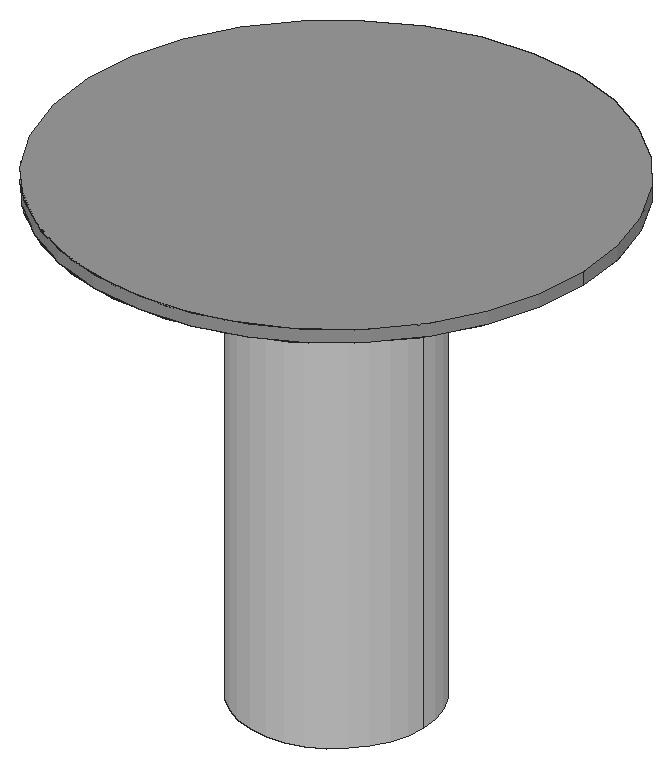
Revit family "Haworth_Cappellini_Mush_SideTable_EU_PRELIMINARY", category Furniture, Revit 2018
Family settings
  OmniClass Number = 23.40.20.00
  OmniClass Title = General Furniture and Specialties
  Work Plane-Based = No
  Always vertical = Yes
  Cut with Voids When Loaded = No
  Shared = No
  Room Calculation Point = No
Parameters (values of type "MU_2R")
  Warranty = "http://www.haworth.com/resources/product-info/warranties"
  Version = "1"  # constant formula
  Under Surface = yes
  URL - Product = "https://www.haworth.com/na/en/products/side-occasional/mush.html"
  URL = "https://www.haworth.com/eu/en.html"
  Thickness = (if(Under Surface, 1.2 cm, 0.4 cm))  # 1.2 cm
  Table Finish [instance] = Haworth _ Wood _ Undecided _ Tables
  Table Edge Finish [instance] = Haworth _ Wood _ Undecided _ Tables
  Standard Height = "31, 32, 46, 47 cm"  # constant formula
  Size = "Verify Final Dim. w/ Haworth"  # constant formula
  Model = "MU_XX"  # constant formula
  Min. Height = 31 cm  # constant formula
  Max. Height = 47 cm  # constant formula
  Manufacturer = "Haworth"  # constant formula
  Height = 47 cm
  Description = "Haworth - Cappellini - Mush - Side Table"  # constant formula
  Base Finish = Haworth _ Paint _ Undecided _ Table
  Author = "Haworth (Abd Rahman)"  # constant formula
  Assembly Code = "E2020200"
  Actual Width = 50 cm  # constant formula
  Actual Height = if(Height > Max. Height, Max. Height, if(Height < Min. Height, Min. Height, Height))  # 47 cm
  Actual Diameter = 25 cm  # constant formula
  Actual Depth = Actual Width  # 50 cm
Types (5, lengths in cm): name | Under Surface | Thickness | Height | Actual Height
  (no name) | yes | 1.2 | 47 | 47
  MU_2M | no | 0.4 | 46 | 46
  MU_2R | yes | 1.2 | 47 | 47
  MU_1R | yes | 1.2 | 32 | 32
  MU_1M | no | 0.4 | 31 | 31
Reference planes (cm)
  plane 1: z = 0
  plane 2 "Center Left/Right": x = -0.5977
  plane 3 "Table top": z = 47
  plane 4: y = 28.175
  plane 5: y = -21.825
  plane 6: y = 3.175
  plane 7: z = 45.8
  plane 8: x = -25.5977
  plane 9: x = 24.4023
  plane 10: z = 44.7
Forms (cm)
  Extrusion 1, solid, material "Haworth _ Wood _ Undecided _ Tables" <- "Table Finish"
    sketch origin (0, 0, 0) x (1, 0, 0) y (0, 1, 0)
      loop
        circle (-0.5977, 3.175) r 25
    from 45.8 to 47
  Extrusion 2, solid, material "Haworth _ Paint _ Undecided _ Table" <- "Base Finish"
    sketch origin (0, 0, 0) x (1, 0, 0) y (0, 1, 0)
      loop
        circle (-0.5977, 3.175) r 8.85
    from 0 to 45.8
  Blend 3, solid, material "Haworth _ Wood _ Undecided _ Tables" <- "Table Finish", visible <- "Under Surface"
    base sketch origin (0, 0, 0) x (1, 0, 0) y (0, 1, 0)
      loop
        circle (-0.5977, 3.175) r 22.15
    top sketch origin (0, 0, 0) x (1, 0, 0) y (0, 1, 0)
      loop
        circle (-0.5977, 3.175) r 25
    from 44.7 to 45.8
Lines and regions (cm)
  Masking region 1
    outline origin (0, 0, 0) x (1, 0, 0) y (0, 1, 0)
      loop
        circle (-0.5977, 3.175) r 25
Dimensions and locks (cm)
  "Actual Height": plane 3 "Table top" to plane 1
  plane 3 "Table top" to level = 47 cm
  "Actual Width": plane 8 to plane 9
  "Actual Depth": plane 5 to plane 4
  equal spacing: plane 5, plane 6, plane 4
  equal spacing: plane 8, plane 2 "Center Left/Right", plane 9
  "Thickness": plane 3 "Table top" to plane 7
  locked: plane 7 to plane 10 at 1.1
  "Actual Diameter": radius of Extrusion 1 sketch curve
  "Actual Diameter": radius of Masking region 1 sketch curve
  aligned and locked: level to plane 1
  aligned and locked: plane 3 "Table top" to Extrusion 1
  aligned and locked: Extrusion 1 to plane 7
  aligned and locked: plane 7 to Extrusion 2
  aligned and locked: Extrusion 2 to level
  aligned and locked: plane 7 to Blend 3
  aligned and locked: Blend 3 to plane 10
  aligned and locked: plane 2 "Center Left/Right" to Masking region 1 sketch curve
  aligned and locked: plane 6 to Masking region 1 sketch curve
  aligned and locked: plane 2 "Center Left/Right" to Extrusion 1 sketch curve
  aligned and locked: plane 6 to Extrusion 1 sketch curve
  aligned and locked: plane 2 "Center Left/Right" to Extrusion 2 sketch curve
  aligned and locked: plane 6 to Extrusion 2 sketch curve
  aligned and locked: plane 2 "Center Left/Right" to Blend 3 sketch curve  (x2)
  aligned and locked: plane 6 to Blend 3 sketch curve  (x2)
Automatic sketch dimensions
  radius of Extrusion 2 sketch curve = 8.85 cm
  radius of Blend 3 sketch curve = 22.15 cm
  radius of Blend 3 sketch curve = 25 cm
